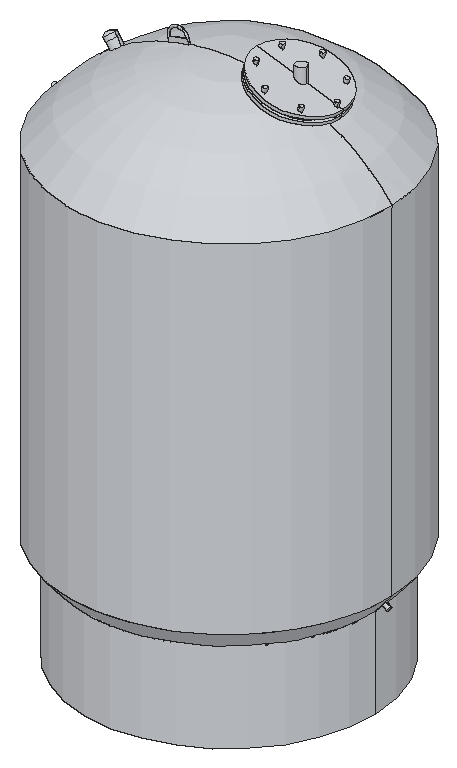
Revit family "NLA-4000", category Mechanical Equipment, Revit 2014
Parameters (values of type "NLA-4000")
  URL = "http://westank.com/"
  Top Clearence = B * 0.03194  # 3.25788"
  TankVolume = "1056 Gallons"
  SystemConnectionAngle = 50.00°
  PartNumber = "22014000"
  OuterRadius = D / 2  # 27"
  Model = "NLA-4000"
  MaximumOperatingTemperature = "240°F"
  MaximumOperatingPressure = "125 PSIG"
  Manufacturer = "Wessels Company"
  InnerRadius = (D * 0.9844) / 2  # 26.5788"
  HandleAngle = 110.00°
  F = 3/4"
  DrainAngle = 63.00°
  D = 54"
  CylinderHeight = B * 0.90693  # 92.50686"
  Cyl TOp = B * 0.1616  # 16.4832"
  Cyl Middle = B * 0.62996  # 64.25592"
  Cyl Botttom = B * 0.07034  # 7.17468"
  C = 2"
  B = 102"
  ApproximateShipmentWeight = "2638 lbs"
  Angle = 50.00°
  A = 60"
Reference planes (in)
  plane 1 "Center (Front/Back)": y = 0
  plane 2: z = 0
  plane 3 "Center (Left/Right)": x = 0
  plane 4: x = -30
  plane 5: y = 1.9685
  plane 6: y = -1.9685
  plane 7: z = 102
  plane 8: x = 30
  plane 9: z = 62.8728
  plane 10: y = 0.15626
  plane 11: y = -0.15626
  plane 12: x = -30
  plane 13: x = 30
  plane 14: x = -27
  plane 15: x = 27
  plane 16: z = 98.74212
  plane 17: z = 21.21085
  plane 18: y = 0
  plane 19: y = 8.22887
  plane 20: y = -8.22887
  plane 21: through (28.29616, -180, 18.65816) normal (0.6157, 0, 0.788)
  plane 22: through (28.7579, -180, 19.24916) normal (0.6157, 0, 0.788)
  plane 23: z = 82.68292
  plane 24: z = 83.18292
  plane 25: z = 82.18292
  plane 26: x = 12.30607
  plane 27: x = 14.30607
Forms (in)
  Revolve 1, solid
    sketch origin (0, 0, -5.125) x (1, 0, 0) y (0, 0, 1)
      loop
        arc (0, 103.86712) -> (-16.64012, 100.33727) -> (-30, 89.80792) r 37.43251
        line (-30, 89.80792) -> (-30, 25.552)
        arc (-30, 25.552) -> (-16.75054, 14.72773) -> (0, 11.24458) r 35.98973
        line (0, 11.24458) -> (0, 103.86712)
      axis (0, 103.86712) -> (0, 11.24458)
    angle from 0 to 360
  Extrusion 2, solid
    sketch origin (0, 0, 0) x (1, 0, 0) y (0, 1, 0)
      loop
        circle (0, 0) r 27
      loop
        circle (0, 0) r 26.5788
    from 20.427 to 0
  Revolve 3, solid
    sketch origin (-17.55413, 0, 88.34424) x (-0.560063, 0, 0.82845) y (-0.82845, 0, -0.560063)
      loop
        line (5.44847, -0.0719) -> (5.44847, -1.16029) -> (6.95487, -1.16029) -> (6.95487, -1.12732) -> (7.76301, -1.12732)
        arc (7.76301, -1.12732) -> (8.10825, -0.65594) -> (8.12516, -0.0719) r 0.9835
        line (8.12516, -0.0719) -> (5.44847, -0.0719)
      axis (5.44847, -0.0719) -> (8.12516, -0.0719)
    angle from 0 to 360
  Sweep 4, solid
    path origin (-7.89412, 0, 92.69608) x (-0.231621, 0, 0.972806) y (-0.972806, 0, -0.231621)
      loop
        arc (6.10198, 1.75) -> (7.85198, 0) -> (6.10198, -1.75) r 1.75
    profile origin (-9.7128, 0, 100.33453) x (-0.231621, 0, 0.972806) y (0, -1, 0)
      loop
        circle (0, 0) r 0.15625
  Extrusion 5, solid
    sketch origin (-6.76496, 0, 87.95365) x (-0.231621, 0, 0.972806) y (-0.972806, 0, -0.231621)
      loop
        line (10.97698, 1.90561) -> (10, 1.90561) -> (10, -1.9095) -> (10.97698, -1.9095) -> (10.97698, 1.90561)
    from 0.15626 to -0.15626
  Revolve 6, solid
    sketch origin (14.3879, 0, 29.95378) x (0.788011, 0, -0.615661) y (0.615661, 0, 0.788011)
      loop
        line (17.91414, 0.07342) -> (19.19446, 0.07342) -> (19.19446, 0.41171) -> (17.91414, 0.41171) -> (17.91414, 0.07342)
      axis (17.91414, 0) -> (19.19446, 0)
    angle from 0 to 360
  Sweep 7, solid
    path origin (-24.57549, 0, 54.9357) x (-1, 0, 0) y (0, 0, -1)
      loop
        arc (6.10198, 1.75) -> (7.85198, 0) -> (6.10198, -1.75) r 1.75
    profile origin (-32.42747, 0, 54.9357) x (-1, 0, 0) y (0, -1, 0)
      loop
        circle (0, 0) r 0.15625
  Extrusion 8, solid
    sketch origin (-19.70049, 0, 54.9357) x (-1, 0, 0) y (0, 0, -1)
      loop
        line (10.97698, 1.90561) -> (10, 1.90561) -> (10, -1.9095) -> (10.97698, -1.9095) -> (10.97698, 1.90561)
    from 0.15626 to -0.15626
  Revolve 9, solid
    sketch origin (3.379, 0, 64.91853) x (0.309017, 0, 0.951057) y (-0.951057, 0, 0.309017)
      loop
        line (36.13165, 1.56284) -> (32.39149, 1.56284) -> (32.39149, -4.42859)
        arc (32.39149, -4.42859) -> (33.38468, -4.24477) -> (34.36, -4.50735) r 2.28358
        line (34.36, -4.50735) -> (34.36, -6.67158) -> (34.95055, -6.67158) -> (34.95055, -6.0553) -> (35.5411, -6.0553) -> (35.5411, -6.67158) -> (36.13165, -6.67158) -> (36.13165, 1.56284)
      axis (32.39149, 1.56284) -> (36.13165, 1.56284)
    angle from 0 to 360
  Extrusion 10, solid
    sketch origin (8.44781, 0, 93.48349) x (1, 0, 0) y (0, 1, 0)
      loop
        circle (4.85826, 0) r 1
    from 8.51651 to 5.25863
  Extrusion 11, solid
    sketch origin (16.3749, -10.13804, 98.69376) x (0.847863, -0.457098, -0.268682) y (0.435743, 0.889416, -0.138084)
      loop
        circle (-1.65206, 10.75183) r 0.3937
    from 0.59055 to -2.40615
  Extrusion 12, solid
    sketch origin (7.56455, -8.92579, 101.55642) x (0.182913, -0.98172, -0.052626) y (0.934709, 0.190247, -0.300208)
      loop
        circle (-1.65206, 10.75183) r 0.3937
    from 0.59055 to -2.40615
  Extrusion 13, solid
    sketch origin (3.02663, -0.89336, 103.03088) x (-0.620272, -0.756211, 0.208344) y (0.720252, -0.654289, -0.230526)
      loop
        circle (-1.65206, 10.75183) r 0.3937
    from 0.59055 to -2.40615
  Extrusion 14, solid
    sketch origin (6.22855, 7.82168, 101.99051) x (-0.94798, 0.047116, 0.314823) y (-0.043762, -0.998885, 0.017717)
      loop
        circle (-1.65206, 10.75183) r 0.3937
    from 0.59055 to -2.40615
  Extrusion 15, solid
    sketch origin (14.72374, 10.5602, 99.23026) x (-0.549811, 0.814442, 0.18545) y (-0.773553, -0.580235, 0.25484)
      loop
        circle (-1.65206, 10.75183) r 0.3937
    from 0.59055 to -2.40615
  Extrusion 16, solid
    sketch origin (22.02104, 5.22969, 96.85922) x (0.269996, 0.959455, -0.080921) y (-0.911488, 0.281771, 0.299658)
      loop
        circle (-1.65206, 10.75183) r 0.3937
    from 0.59055 to -2.40615
  Extrusion 17, solid
    sketch origin (22.5446, -4.09681, 96.6891) x (0.885028, 0.371351, -0.280757) y (-0.352172, 0.928476, 0.117925)
      loop
        circle (-1.65206, 10.75183) r 0.3937
    from 0.59055 to -2.40615
  Extrusion 18, solid
    sketch origin (0, 0, 0) x (0, 1, 0) y (0, 0, 1)
      loop
        circle (0, 82.68292) r 0.5
    from -32.19179 to -29.81467
Cuts and joins
  joined: Revolve 1, Extrusion 2, Revolve 3, Extrusion 5, Extrusion 8, Revolve 9, Extrusion 10
Lines and regions (in)
  reference lines
    curve 1: line (0, 0, 62.8728) -> (-4.66021, 0, 68.42662)
    curve 2: line (0, 0, 62.8728) -> (-2.47965, 0, 69.68557)
    curve 3: line (0, 0, 21.21085) -> (16.48362, 0, 12.81203)
Dimensions and locks (in)
  equal spacing: plane 5, plane 1 "Center (Front/Back)", plane 6
  "B": plane 7 to level
  equal spacing: plane 8, plane 3 "Center (Left/Right)", plane 4
  "A": plane 8 to plane 4
  equal spacing: plane 10, curve 2, plane 11
  equal spacing: plane 13, plane 3 "Center (Left/Right)", plane 12
  equal spacing: plane 15, plane 3 "Center (Left/Right)", plane 14
  locked: Revolve 3 sketch curve to Revolve 3 sketch curve at 0.03297
  equal spacing: plane 19, plane 18, plane 20
  Revolve 6 sketch curve to Revolve 6 sketch curve = 0.33829"
  locked: Revolve 9 sketch curve to Revolve 9 sketch curve at 0.59055  (x3)
  locked: Revolve 9 sketch curve to Revolve 9 sketch curve at 1.9685
  "F": plane 22 to plane 21
  Revolve 1 sketch curve to level = 6.11958"
  "Cyl Middle": Revolve 1 sketch curve to Revolve 1 sketch curve
  plane 16 to Revolve 1 sketch curve = 14.0592"
  "Top Clearence": plane 7 to plane 16
  equal spacing: plane 24, plane 23, plane 25
  locked: Extrusion 18 sketch curve to plane 18 at 0
  locked: Extrusion 18 sketch curve to plane 23
  plane 24 to plane 25 = 1"
  locked: Revolve 1 to plane 23 at 2
  "D": plane 15 to plane 14
  "C": plane 26 to plane 27
  "OuterRadius": radius of Extrusion 2 sketch curve
  "InnerRadius": radius of Extrusion 2 sketch curve
  "C": diameter of Extrusion 10 sketch curve
  "Angle": angle curve 1 to plane 9
  "HandleAngle": angle plane 9 to curve 2
  "DrainAngle": angle plane 3 "Center (Left/Right)" to curve 3
  aligned and locked: level to plane 2
  aligned and locked: Extrusion 2 to level
  aligned and locked: plane 4 to Revolve 1 sketch curve
  aligned and locked: plane 3 "Center (Left/Right)" to curve 1
  aligned and locked: plane 9 to curve 1
  aligned and locked: Revolve 3 sketch curve to Revolve 3 sketch curve
  aligned and locked: plane 9 to curve 2
  aligned and locked: plane 3 "Center (Left/Right)" to curve 2
  aligned and locked: Extrusion 5 sketch curve to Sweep 4
  aligned and locked: Extrusion 5 to plane 11
  aligned and locked: plane 10 to Extrusion 5
  aligned and locked: plane 17 to curve 3
  aligned and locked: plane 3 "Center (Left/Right)" to curve 3
  aligned and locked: plane 16 to Revolve 1 sketch curve
  aligned and locked: Extrusion 8 sketch curve to Sweep 7
  aligned and locked: Revolve 9 sketch curve to Revolve 9 sketch curve
  aligned and locked: Revolve 6 sketch curve to plane 22
  aligned and locked: plane 7 to Extrusion 10
  aligned and locked: plane 26 to Extrusion 10
  aligned and locked: plane 27 to Extrusion 10
Automatic sketch dimensions
  curve 2 to Sweep 4 sketch curve = 29.74084"
  Sweep 4 sketch curve to curve 2 = 1/16"
  Sweep 4 sketch curve to Sweep 4 sketch curve = 1 3/4"
  Sweep 4 sketch curve to profile plane = 0"
  profile plane to Sweep 4 sketch curve = 0"
  Extrusion 5 sketch curve to Extrusion 5 sketch curve = 0.97698"
  Extrusion 5 sketch curve to curve 2 = 1.972"
  Extrusion 5 sketch curve to Extrusion 5 sketch curve = 3.81511"
  curve 2 to Sweep 7 sketch curve = 30.67747"
  curve 2 to Sweep 7 sketch curve = 7.9371"
  Sweep 7 sketch curve to Sweep 7 sketch curve = 1 3/4"
  Sweep 7 sketch curve to profile plane = 0"
  profile plane to Sweep 7 sketch curve = 0"
  Extrusion 8 sketch curve to Extrusion 8 sketch curve = 0.97698"
  curve 2 to Extrusion 8 sketch curve = 6.0276"
  Extrusion 8 sketch curve to Extrusion 8 sketch curve = 3.81511"
  Revolve 9 sketch curve to plane 16 = 2.53451"
  plane 3 "Center (Left/Right)" to Revolve 9 sketch curve = 11.90217"
  Revolve 9 sketch curve to Revolve 9 sketch curve = 1.06661"
  Revolve 9 sketch curve to Revolve 9 sketch curve = 5.99143"
  Revolve 9 sketch curve to Revolve 9 sketch curve = 0.07876"
  Revolve 9 sketch curve to Revolve 9 sketch curve = 1.54795"
  Revolve 9 sketch curve to Revolve 9 sketch curve = 0.61629"
  Revolve 9 sketch curve to Revolve 9 sketch curve = 8.25878"
  Revolve 9 sketch curve to Revolve 9 sketch curve = 0.00107"
  Revolve 9 sketch curve to Revolve 9 sketch curve = 0"
  curve 1 to Revolve 3 sketch curve = 29.17063"
  Revolve 3 sketch curve to Revolve 3 sketch curve = 1.5064"
  Revolve 3 sketch curve to Revolve 3 sketch curve = 0"
  Revolve 3 sketch curve to Revolve 3 sketch curve = 0.22312"
  Revolve 3 sketch curve to Revolve 3 sketch curve = 0.80814"
  Revolve 3 sketch curve to Revolve 3 sketch curve = 0.94717"
  Revolve 3 sketch curve to curve 1 = 1.63343"
  Revolve 3 sketch curve to Revolve 3 sketch curve = 0.79058"
  Revolve 3 sketch curve to Revolve 3 sketch curve = 5.44847"
  Revolve 3 sketch curve to Revolve 3 sketch curve = 0.07201"
  curve 3 to Revolve 6 sketch curve = 5.70917"
  Revolve 6 sketch curve to Revolve 6 sketch curve = 1.28033"
  curve 3 to Revolve 6 sketch curve = 5.95514"
  Revolve 6 sketch curve to Revolve 6 sketch curve = 0.58586"
  Revolve 6 sketch curve to Revolve 6 sketch curve = 0.07342"
  Revolve 1 sketch curve to plane 3 "Center (Left/Right)" = 0"  (x2)
  Revolve 1 sketch curve to plane 3 "Center (Left/Right)" = 1.25819"
  Revolve 1 sketch curve to plane 3 "Center (Left/Right)" = 0.75556"
  Revolve 1 sketch curve to Revolve 1 sketch curve = 0"
  Revolve 1 sketch curve to plane 16 = 1.18638"
  Extrusion 2 sketch curve to Extrusion 2 sketch curve = 0"  (x2)
  plane 1 "Center (Front/Back)" to Extrusion 2 sketch curve = 0"
  Extrusion 2 sketch curve to plane 3 "Center (Left/Right)" = 0"
  plane 1 "Center (Front/Back)" to Extrusion 10 sketch curve = 0"
  Extrusion 10 sketch curve to plane 26 = 1"
  radius of Extrusion 11 sketch curve = 0.3937"
  radius of Extrusion 12 sketch curve = 0.3937"
  radius of Extrusion 13 sketch curve = 0.3937"
  radius of Extrusion 14 sketch curve = 0.3937"
  radius of Extrusion 15 sketch curve = 0.3937"
  radius of Extrusion 16 sketch curve = 0.3937"
  radius of Extrusion 17 sketch curve = 0.3937"
  radius of Sweep 4 sketch curve = 5/32"
  radius of Sweep 7 sketch curve = 5/32"
  radius of Extrusion 18 sketch curve = 1/2"
Connectors (in)
  piping at (29.51334, 0, 18.13649), diameter 0.75, driven by "F"
    settings: on Revolve 6, index 2, connector inside diameter 24", connector length 0", flow factor 0, pipe flow 0 GPM, pressure drop 0.00 psi, fitting loss kfactor 0, connector angle 0.00°, fixture units 0, engagement length 0", angle of deflection 0.00°, flow configuration 0, flow direction 0, fitting loss method 0, system type 7, joint type 0, gender type 0, connector reference index -1, connector utility 0, adjustable connector no, is connector primary yes, connector description ""
  piping at (13.30607, 0, 102), diameter 2, driven by "C"
    settings: on Extrusion 10, index 3, connector inside diameter 24", connector length 0", flow factor 0, pipe flow 0 GPM, pressure drop 0.00 psi, fitting loss kfactor 0, connector angle 0.00°, fixture units 0, engagement length 0", angle of deflection 0.00°, flow configuration 0, flow direction 0, fitting loss method 0, system type 7, joint type 0, gender type 0, connector reference index -1, connector utility 0, adjustable connector no, is connector primary no, connector description ""
